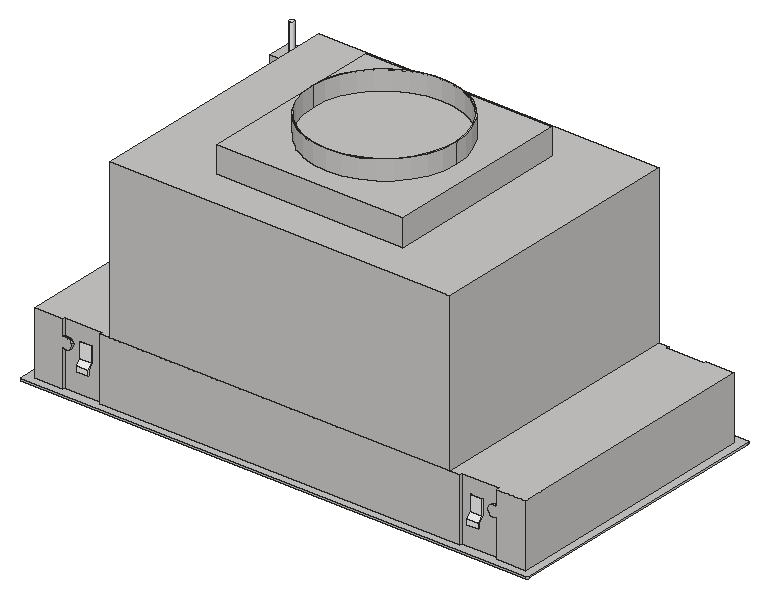
Revit family "FP_Revit_18_HPB3619-12_N_Rangehood_90000972B", category Specialty Equipment, Revit 2018
Family settings
  Round Connector Dimension = Use Diameter
  Part Type = Normal
  OmniClass Number = 23.40.40.00
  OmniClass Title = Food Service Equipment and Furnishings
  Work Plane-Based = No
  Always vertical = Yes
  Cut with Voids When Loaded = Yes
  Shared = No
  Room Calculation Point = No
Parameters
  Visibility - Duct Adaptor = yes
  Visibility - Clearance Required = yes
  URL = "www.fisherpaykel.com"
  Product - Width = 880 mm  # constant formula
  Product - Height = 462 mm  # constant formula
  Product - Depth = 480 mm  # constant formula
  Model = "HPB3619-12_N"
  Material - Glass = Fisher & Paykel - White Bezel
  Material - Body = Fisher & Paykel - Stainless Steel
  Manufacturer = "Fisher & Paykel Appliances"
  FFL Offset [instance] = 1565 mm
  Description = "36\" Integrated Insert Rangehood"
  Connector Description - Extraction = "250mm (9 3/16\") Outside diameter of ducting outlet, 1100 CFM"
  Connector Description - Electrical = "120 V, 15 A, Fused electrical supply"
  Chassis - Width = 850 mm  # constant formula
  Chassis - Height = 380 mm  # constant formula
  Chassis - Depth = 452 mm  # constant formula
  Cavity - Width = 855 mm  # constant formula
  Cavity - Height = 435 mm  # constant formula
  Cavity - Depth = 455 mm  # constant formula
Reference planes
  plane 1 "Center (Front/Back)": y = 0
  plane 2: z = 0
  plane 3 "Center (Left/Right)": x = 0
  plane 4 "Product LHS": x = -440
  plane 5 "Product RHS": x = 440
  plane 6 "Product Front": y = -240
  plane 7 "Cavity LHS": x = -427.5
  plane 8 "Cavity RHS": x = 427.5
  plane 9 "Product Rear": y = 240
  plane 10 "Chassis LHS": x = -425
  plane 11 "Chassis RHS": x = 425
  plane 12 "Product - Height": z = 2024.5
  plane 13 "Chassis Front": y = -226
  plane 14 "Chassis Rear": y = 226
  plane 15 "Cavity Rear": y = 227.5
  plane 16 "Cavity Front": y = -227.5
  plane 17 "Cavity - Height": z = 2000
  plane 18 "FFL Offset": z = 1565
Forms (mm)
  Extrusion 1, solid, material "Fisher & Paykel - Stainless Steel" <- "Material - Body"
    sketch origin (0, 0, 0) x (1, 0, 0) y (0, 0, 1)
      loop
        line (-295, 1673.4) -> (295, 1673.4) -> (295, 1945) -> (-295, 1945) -> (-295, 1673.4)
    from -226 to 226
  Extrusion 2, solid, material "Fisher & Paykel - Clearance Required", visible <- "Visibility - Clearance Required", detail levels coarse
    sketch origin (0, 0, 0) x (1, 0, 0) y (0, 1, 0)
      loop
        line (-427.5, 227.5) -> (-427.5, -227.5) -> (427.5, -227.5) -> (427.5, 227.5) -> (-427.5, 227.5)
    from 1565 to 2000
  Extrusion 3, void
    sketch origin (0, 0, 0) x (1, 0, 0) y (0, 1, 0)
      loop
        line (-427.5, 227.5) -> (-427.5, -227.5) -> (427.5, -227.5) -> (427.5, 227.5) -> (-427.5, 227.5)
    from 1565 to 2000
  Extrusion 4, solid, material "Fisher & Paykel - Stainless Steel" <- "Material - Body", visible <- "Visibility - Duct Adaptor"
    sketch origin (0, 0, 0) x (1, 0, 0) y (0, 1, 0)
      loop
        line (-161.5, 161.5) -> (-161.5, -161.5) -> (161.5, -161.5) -> (161.5, 161.5) -> (-161.5, 161.5)
    from 1945 to 1990.6
  Extrusion 5, solid, material "Fisher & Paykel - Clearance Required", visible <- "Visibility - Clearance Required", detail levels coarse
    sketch origin (0, 0, 0) x (1, 0, 0) y (0, 1, 0)
      loop
        circle (0, 0) r 130
    from 2000 to 2024.5
  Extrusion 6, void
    sketch origin (0, 0, 0) x (1, 0, 0) y (0, 1, 0)
      loop
        circle (0, 0) r 130
    from 2000 to 2024.5
  Extrusion 7, solid, material "Fisher & Paykel - Stainless Steel" <- "Material - Body", visible <- "Visibility - Duct Adaptor"
    sketch origin (0, 0, 0) x (1, 0, 0) y (0, 1, 0)
      loop
        circle (0, 0) r 125
      loop
        circle (0, 0) r 124
    from 1990.6 to 2024.5
  Extrusion 8, solid, material "Fisher & Paykel - Stainless Steel" <- "Material - Body"
    sketch origin (0, 0, 0) x (1, 0, 0) y (0, 1, 0)
      loop
        circle (-82.5, 0) r 75
      loop
        circle (82.5, 0) r 75
      loop
        circle (-82.5, 0) r 74
      loop
        circle (82.5, 0) r 74
    from 1945 to 1969.5
Cuts and joins
  Extrusion 6 cuts Extrusion 2
Text (mm)
  text "Due to ongoing product development, product details are subject to change without notice. \nPlease always refer to www.fisherpaykel.com for the most current product information. \n© Fisher & Paykel 2020" at (41.04, -1225.549, 0), in view "Ref. Level (Plan)"
Dimensions and locks
  equal spacing: plane 4 "Product LHS", plane 3 "Center (Left/Right)", plane 5 "Product RHS"
  "Product - Width": plane 4 "Product LHS" to plane 5 "Product RHS"
  equal spacing: plane 7 "Cavity LHS", plane 3 "Center (Left/Right)", plane 8 "Cavity RHS"
  "Cavity - Width": plane 7 "Cavity LHS" to plane 8 "Cavity RHS"
  equal spacing: plane 9 "Product Rear", plane 1 "Center (Front/Back)", plane 6 "Product Front"
  "Product - Depth": plane 9 "Product Rear" to plane 6 "Product Front"
  equal spacing: plane 10 "Chassis LHS", plane 3 "Center (Left/Right)", plane 11 "Chassis RHS"
  "Chassis - Width": plane 10 "Chassis LHS" to plane 11 "Chassis RHS"
  equal spacing: plane 14 "Chassis Rear", plane 1 "Center (Front/Back)", plane 13 "Chassis Front"
  "Chassis - Depth": plane 14 "Chassis Rear" to plane 13 "Chassis Front"
  equal spacing: plane 15 "Cavity Rear", plane 1 "Center (Front/Back)", plane 16 "Cavity Front"
  "Cavity - Depth": plane 15 "Cavity Rear" to plane 16 "Cavity Front"
  "FFL Offset": plane 18 "FFL Offset" to level
  "Chassis - Height": Extrusion 1 to plane 18 "FFL Offset"
  "Cavity - Height": plane 18 "FFL Offset" to plane 17 "Cavity - Height"
  locked: plane 18 "FFL Offset" to plane 12 "Product - Height" at 459.5
  locked: Extrusion 4 to plane 18 "FFL Offset" at 425.6
  locked: nested 1 to plane 18 "FFL Offset" at 108.4
  locked: Extrusion 1 to nested 1
  Extrusion 8 sketch curve to plane 3 "Center (Left/Right)" = 82.5 mm
  Extrusion 8 to plane 18 "FFL Offset" = 404.5 mm
  locked: Extrusion 8 to cut or joined group of Extrusion 2, Extrusion 6 at 404.5
  aligned and locked: level to plane 2
  aligned and locked: plane 14 "Chassis Rear" to Extrusion 1
  aligned and locked: Extrusion 1 to plane 13 "Chassis Front"
  aligned and locked: plane 8 "Cavity RHS" to Extrusion 2 sketch curve
  aligned and locked: plane 16 "Cavity Front" to Extrusion 2 sketch curve
  aligned and locked: Extrusion 2 sketch curve to plane 7 "Cavity LHS"
  aligned and locked: Extrusion 2 sketch curve to plane 15 "Cavity Rear"
  aligned and locked: Extrusion 7 to plane 12 "Product - Height"
  aligned and locked: Extrusion 4 to Extrusion 1
  aligned and locked: Extrusion 7 to Extrusion 4
  aligned and locked: Extrusion 5 to plane 12 "Product - Height"
  aligned and locked: plane 17 "Cavity - Height" to Extrusion 5
  aligned and locked: Extrusion 6 to plane 12 "Product - Height"
  aligned and locked: Extrusion 2 to Extrusion 3
  aligned and locked: Extrusion 3 to plane 18 "FFL Offset"
  aligned and locked: Extrusion 8 to Extrusion 1
  aligned and locked: Extrusion 2 to plane 17 "Cavity - Height"
  aligned and locked: Extrusion 3 to plane 17 "Cavity - Height"
  aligned and locked: Extrusion 6 to Extrusion 2
Automatic sketch dimensions
  Extrusion 2 sketch curve to plane 8 "Cavity RHS" = 0 mm
  Extrusion 3 sketch curve to plane 7 "Cavity LHS" = 0 mm
  Extrusion 3 sketch curve to plane 8 "Cavity RHS" = 0 mm
  Extrusion 3 sketch curve to plane 16 "Cavity Front" = 0 mm
  Extrusion 3 sketch curve to plane 15 "Cavity Rear" = 0 mm
  plane 1 "Center (Front/Back)" to Extrusion 5 sketch curve = 0 mm
  Extrusion 5 sketch curve to plane 3 "Center (Left/Right)" = 0 mm
  plane 1 "Center (Front/Back)" to Extrusion 6 sketch curve = 0 mm
  Extrusion 6 sketch curve to plane 3 "Center (Left/Right)" = 0 mm
  Extrusion 7 sketch curve to Extrusion 7 sketch curve = 0 mm  (x2)
  plane 1 "Center (Front/Back)" to Extrusion 7 sketch curve = 0 mm
  Extrusion 7 sketch curve to plane 3 "Center (Left/Right)" = 0 mm
  plane 13 "Chassis Front" to Extrusion 4 sketch curve = 64.5 mm
  Extrusion 4 sketch curve to plane 3 "Center (Left/Right)" = 161.5 mm
  plane 3 "Center (Left/Right)" to Extrusion 4 sketch curve = 161.5 mm
  Extrusion 4 sketch curve to plane 14 "Chassis Rear" = 64.5 mm
  plane 17 "Cavity - Height" to Extrusion 1 sketch curve = 55 mm
  Extrusion 1 sketch curve to plane 11 "Chassis RHS" = 130 mm
  Extrusion 1 sketch curve to Extrusion 1 sketch curve = 271.6 mm
  plane 10 "Chassis LHS" to Extrusion 1 sketch curve = 130 mm
  Extrusion 8 sketch curve to Extrusion 8 sketch curve = 0 mm  (x4)
  plane 1 "Center (Front/Back)" to Extrusion 8 sketch curve = 0 mm  (x2)
  plane 3 "Center (Left/Right)" to Extrusion 8 sketch curve = 82.5 mm
  radius of Extrusion 5 sketch curve = 130 mm
  radius of Extrusion 6 sketch curve = 130 mm
  radius of Extrusion 7 sketch curve = 125 mm
  radius of Extrusion 7 sketch curve = 124 mm
  radius of Extrusion 8 sketch curve = 75 mm  (x2)
  radius of Extrusion 8 sketch curve = 74 mm  (x2)
Nested families
  nested 1: "HPB3619-12" at (0, 0, 1565), type "HPB3619-12"
Connectors
  hvac at (0, 0, 2024.5), driven by "Connector Description - Extraction"
    settings: on Extrusion 7, index 4, duct flow 519.0 L/s, flow factor 0, pres drop 0.0 Pa, loss coef 0, conn angle 0.00°, conn width 304.8 mm, conn height 304.8 mm, conn diameter 250 mm, duct sys type 3, conn prof type 0, flow config 0, flow direction 2, loss method 0, conn ref index -1, conn util no, is conn primary yes, conn desc "250mm (9 3/16\") Outside diameter of ducting outlet, 1100 CFM"
  electrical at (-315.55, 194, 1972), driven by "Connector Description - Electrical"
    settings: on nested 1, index 5, voltage 120 V, apparent load 0 VA, apparent load phase1 0 VA, apparent load phase2 0 VA, apparent load phase3 0 VA, power factor 1, load classification "Other", number of poles 1, system type 30, power factor state 1, is connector primary yes, connector utility no, sub classification motor no, connector description "120 V, 15 A, Fused electrical supply"
Definition of nested family "HPB3619-12"
  Parameters (values of type "HPB3619-12")
    URL = "www.fisherpaykel.com"
    Product - Width = 880 mm  # constant formula
    Product - Depth = 480 mm  # constant formula
    Model = "HPB 3619-12 N"
    Material - Glass = none
    Material - Body = none
    Manufacturer = ""
    Description = ""
    Chassis - Width = 850 mm  # constant formula
    Chassis - Depth = 452 mm  # constant formula
  Reference planes
    plane 1 "Center (Front/Back)": y = 0
    plane 2: z = 0
    plane 3 "Center (Left/Right)": x = 0
    plane 4 "Product LHS": x = -440
    plane 5 "Product RHS": x = 440
    plane 6 "Product Front": y = -240
    plane 7 "Product Rear": y = 240
    plane 8 "Chassis LHS": x = -425
    plane 9 "Chassis RHS": x = 425
    plane 10 "Chassis Front": y = -226
    plane 11 "Chassis Rear": y = 226
  Forms (mm)
    Extrusion 1, solid, material <- "Material - Body"
      sketch origin (0, 0, 0) x (1, 0, 0) y (0, 0, 1)
        loop
          line (-425, 0) -> (425, 0) -> (425, 108.4) -> (-425, 108.4) -> (-425, 0)
      from -226 to 226
    Extrusion 2, solid, material <- "Material - Body"
      sketch origin (0, 0, 0) x (1, 0, 0) y (0, 1, 0)
        loop
          line (436.5, 240) -> (-436.5, 240)
          arc (-436.5, 240) -> (-438.975, 238.975) -> (-440, 236.5) r 3.5
          line (-440, 236.5) -> (-440, -236.5)
          arc (-440, -236.5) -> (-438.975, -238.975) -> (-436.5, -240) r 3.5
          line (-436.5, -240) -> (436.5, -240)
          arc (436.5, -240) -> (438.975, -238.975) -> (440, -236.5) r 3.5
          line (440, -236.5) -> (440, 236.5)
          arc (440, 236.5) -> (438.975, 238.975) -> (436.5, 240) r 3.5
        loop
          line (420.5, 220) -> (-420.5, 220) -> (-420.5, -220) -> (420.5, -220) -> (420.5, 220)
      from -2.5 to 0
    Extrusion 3, void
      sketch origin (0, 0, 0) x (1, 0, 0) y (0, 0, 1)
        loop
          line (-376.17, 108.4) -> (-376.17, 81.59) -> (-369.42, 81.59)
          arc (-369.42, 81.59) -> (-360.42, 72.59) -> (-369.42, 63.59) r 9
          line (-369.42, 63.59) -> (-375.557, 63.59) -> (-375.557, 0) -> (-311.02, 0) -> (-311.02, 108.4) -> (-376.17, 108.4)
        loop
          line (376.17, 108.4) -> (311.02, 108.4) -> (311.02, 0) -> (375.557, 0) -> (375.557, 63.59) -> (369.42, 63.59)
          arc (369.42, 63.59) -> (360.42, 72.59) -> (369.42, 81.59) r 9
          line (369.42, 81.59) -> (376.17, 81.59) -> (376.17, 108.4)
      from 222 to 226
    Extrusion 4, void
      sketch origin (0, 0, 0) x (1, 0, 0) y (0, 0, -1)
        loop
          line (-376.17, -108.4) -> (-311.02, -108.4) -> (-311.02, 0) -> (-375.557, 0) -> (-375.557, -63.59) -> (-369.42, -63.59)
          arc (-369.42, -63.59) -> (-360.42, -72.59) -> (-369.42, -81.59) r 9
          line (-369.42, -81.59) -> (-376.17, -81.59) -> (-376.17, -108.4)
        loop
          line (376.17, -108.4) -> (376.17, -81.59) -> (369.42, -81.59)
          arc (369.42, -81.59) -> (360.42, -72.59) -> (369.42, -63.59) r 9
          line (369.42, -63.59) -> (375.557, -63.59) -> (375.557, 0) -> (311.02, 0) -> (311.02, -108.4) -> (376.17, -108.4)
      from 222 to 226
    Extrusion 5, solid, detail levels fine
      sketch origin (0, 0, 0) x (0, 1, 0) y (0, 0, 1)
        loop
          line (-231.082, 47.589) -> (-231.082, 39.32) -> (-229.882, 39.32) -> (-229.882, 47.095) -> (-222, 54.977) -> (-222, 82.186) -> (-223.2, 82.186) -> (-223.2, 55.471) -> (-231.082, 47.589)
      from -347.88 to -328
    Extrusion 6, void
      sketch origin (0, 0, 0) x (1, 0, 0) y (0, 0, 1)
        loop
          line (-420.5, -2.5) -> (420.5, -2.5) -> (420.5, 0) -> (377.9, 17.365) -> (-377.9, 17.365) -> (-420.5, 0) -> (-420.5, -2.5)
      from -220 to 220
    Extrusion 7, void
      sketch origin (0, 0, 0) x (0, 1, 0) y (0, 0, 1)
        loop
          line (220, 17.365) -> (206.782, 67.5) -> (-167.2, 67.5) -> (-167.2, 27) -> (-187.6, 27) -> (-187.6, 67.5) -> (-220, 67.5) -> (-220, 17.365) -> (220, 17.365)
      from -377.4 to 377.4
    Extrusion 8, solid, material <- "Material - Body", detail levels medium+fine
      sketch origin (0, 0, 0) x (1, 0, 0) y (0, 0, 1)
        loop
          line (351.267, 39.229) -> (325.673, 39.229) -> (325.673, 19.87) -> (351.267, 19.87) -> (351.267, 39.229)
        loop
          line (310.52, 39.229) -> (288.173, 39.229) -> (288.173, 19.87) -> (310.52, 19.87) -> (310.52, 39.229)
        loop
          line (276.267, 39.229) -> (250.673, 39.229) -> (250.673, 19.87) -> (276.267, 19.87) -> (276.267, 39.229)
        loop
          line (238.767, 39.229) -> (213.173, 39.229) -> (213.173, 19.87) -> (238.767, 19.87) -> (238.767, 39.229)
        loop
          line (201.267, 39.229) -> (175.673, 39.229) -> (175.673, 19.87) -> (201.267, 19.87) -> (201.267, 39.229)
        loop
          line (150.965, 39.229) -> (150.965, 19.87) -> (163.767, 19.87) -> (163.767, 39.229) -> (150.965, 39.229)
        loop
          line (150.585, 39.229) -> (137.793, 39.229) -> (137.793, 19.87) -> (150.585, 19.87) -> (150.585, 39.229)
        loop
          line (125.888, 39.229) -> (100.293, 39.229) -> (100.293, 19.87) -> (125.888, 19.87) -> (125.888, 39.229)
        loop
          line (88.388, 39.229) -> (62.793, 39.229) -> (62.793, 19.87) -> (88.388, 19.87) -> (88.388, 39.229)
        loop
          line (50.888, 39.229) -> (25.293, 39.229) -> (25.293, 19.87) -> (50.888, 19.87) -> (50.888, 39.229)
        loop
          line (12.797, 39.229) -> (-12.797, 39.229) -> (-12.797, 19.87) -> (12.797, 19.87) -> (12.797, 39.229)
        loop
          line (363.173, 39.229) -> (363.173, 19.87) -> (375.057, 19.87) -> (375.057, 39.229) -> (363.173, 39.229)
        loop
          line (-351.767, 39.229) -> (-351.767, 19.87) -> (-326.173, 19.87) -> (-326.173, 39.229) -> (-351.767, 39.229)
        loop
          line (-311.02, 39.229) -> (-311.02, 19.87) -> (-288.673, 19.87) -> (-288.673, 39.229) -> (-311.02, 39.229)
        loop
          line (-276.767, 39.229) -> (-276.767, 19.87) -> (-251.173, 19.87) -> (-251.173, 39.229) -> (-276.767, 39.229)
        loop
          line (-239.267, 39.229) -> (-239.267, 19.87) -> (-213.673, 19.87) -> (-213.673, 39.229) -> (-239.267, 39.229)
        loop
          line (-201.767, 39.229) -> (-201.767, 19.87) -> (-176.173, 19.87) -> (-176.173, 39.229) -> (-201.767, 39.229)
        loop
          line (-151.465, 39.229) -> (-164.267, 39.229) -> (-164.267, 19.87) -> (-151.465, 19.87) -> (-151.465, 39.229)
        loop
          line (-151.085, 39.229) -> (-151.085, 19.87) -> (-138.293, 19.87) -> (-138.293, 39.229) -> (-151.085, 39.229)
        loop
          line (-126.388, 39.229) -> (-126.388, 19.87) -> (-100.793, 19.87) -> (-100.793, 39.229) -> (-126.388, 39.229)
        loop
          line (-88.888, 39.229) -> (-88.888, 19.87) -> (-63.293, 19.87) -> (-63.293, 39.229) -> (-88.888, 39.229)
        loop
          line (-51.388, 39.229) -> (-51.388, 19.87) -> (-25.293, 19.87) -> (-25.293, 39.229) -> (-51.388, 39.229)
        loop
          line (-363.673, 39.229) -> (-375.557, 39.229) -> (-375.557, 19.87) -> (-363.673, 19.87) -> (-363.673, 39.229)
      from -198.187 to 167.2
    Extrusion 9, solid, material <- "Material - Body", detail levels fine
      sketch origin (0, 0, 0) x (0, 1, 0) y (0, 0, 1)
        loop
          line (198.187, 39.229) -> (198.187, 19.333) -> (210.095, 16.053) -> (217.213, 19.87) -> (217.213, 25.663) -> (213.831, 39.229) -> (198.187, 39.229)
      from -375 to 375
    Extrusion 10, solid, material <- "Material - Body", detail levels fine
      sketch origin (0, 0, 0) x (1, 0, 0) y (0, 1, 0)
        loop
          circle (264.874, 94.908) r 6
        loop
          circle (0, 94.908) r 6
        loop
          circle (-264.874, 94.908) r 6
        loop
          circle (264.874, -99.995) r 6
        loop
          circle (0, -99.995) r 6
        loop
          circle (-264.874, -99.995) r 6
      from 13 to 19.87
    Extrusion 11, solid, detail levels fine
      sketch origin (0, 0, 0) x (0, 1, 0) y (0, 0, -1)
        loop
          line (-231.082, -47.589) -> (-223.2, -55.471) -> (-223.2, -82.186) -> (-222, -82.186) -> (-222, -54.977) -> (-229.882, -47.095) -> (-229.882, -39.32) -> (-231.082, -39.32) -> (-231.082, -47.589)
      from -347.88 to -328
    Extrusion 12, solid, detail levels fine
      sketch origin (0, 0, 0) x (0, -1, 0) y (0, 0, -1)
        loop
          line (-231.082, -47.589) -> (-223.2, -55.471) -> (-223.2, -82.186) -> (-222, -82.186) -> (-222, -54.977) -> (-229.882, -47.095) -> (-229.882, -39.32) -> (-231.082, -39.32) -> (-231.082, -47.589)
      from -347.88 to -328
    Extrusion 13, solid, detail levels fine
      sketch origin (0, 0, 0) x (0, -1, 0) y (0, 0, 1)
        loop
          line (-231.082, 47.589) -> (-231.082, 39.32) -> (-229.882, 39.32) -> (-229.882, 47.095) -> (-222, 54.977) -> (-222, 82.186) -> (-223.2, 82.186) -> (-223.2, 55.471) -> (-231.082, 47.589)
      from -347.88 to -328
    Extrusion 14, solid, material <- "Material - Body"
      sketch origin (0, 0, 0) x (1, 0, 0) y (0, 0, 1)
        loop
          line (-419.39, 108.4) -> (-358.49, 108.4) -> (-381.39, 161.6) -> (-419.39, 161.6) -> (-419.39, 108.4)
      from -171 to -222
    Extrusion 15, solid, material <- "Material - Body"
      sketch origin (0, 0, 0) x (1, 0, 0) y (0, 0, 1)
        loop
          line (-295, 357) -> (-336.1, 357) -> (-336.1, 237) -> (-295, 237) -> (-295, 357)
      from -216.5 to -171.5
    Sweep 16, solid
      path origin (0, 194, 0) x (1, 0, 0) y (0, 0, 1)
        loop
          line (-315.55, 407) -> (-315.55, 227)
          spline (-315.55, 227) -> (-317.219, 213.538) -> (-321.834, 204.545) -> (-328.806, 199.163) -> (-337.546, 196.534) -> (-347.463, 195.799) -> (-357.97, 196.1) -> (-368.477, 196.58) -> (-378.394, 196.378) -> (-387.134, 194.638) -> (-394.105, 190.5) -> (-398.721, 183.107) -> (-400.39, 171.6)
          line (-400.39, 171.6) -> (-400.39, 161.6)
      profile origin (-315.55, 194, 317) x (0, -1, 0) y (1, 0, 0)
        loop
          circle (0, 0) r 4
    Extrusion 17, solid, material <- "Material - Glass", detail levels fine
      sketch origin (0, 0, 0) x (0, 1, 0) y (0, 0, 1)
        loop
          line (-220, 67.5) -> (-220, 27) -> (-187.6, 27) -> (-187.6, 67.5) -> (-220, 67.5)
      from -377.9 to 377.4
  Cuts and joins
    Extrusion 3, Extrusion 4, Extrusion 6, Extrusion 7 cuts Extrusion 1
    Extrusion 4 cuts Extrusion 2
  Text (mm)
    text "Due to ongoing product development, product details are subject to change without notice. \nPlease always refer to www.fisherpaykel.com for the most current product information. \n© Fisher & Paykel 2020" at (41.04, -1225.549, 0), in view "Ref. Level (Plan)"
  Dimensions and locks
    equal spacing: plane 4 "Product LHS", plane 3 "Center (Left/Right)", plane 5 "Product RHS"
    "Product - Width": plane 4 "Product LHS" to plane 5 "Product RHS"
    equal spacing: plane 7 "Product Rear", plane 1 "Center (Front/Back)", plane 6 "Product Front"
    "Product - Depth": plane 7 "Product Rear" to plane 6 "Product Front"
    equal spacing: plane 8 "Chassis LHS", plane 3 "Center (Left/Right)", plane 9 "Chassis RHS"
    "Chassis - Width": plane 8 "Chassis LHS" to plane 9 "Chassis RHS"
    Extrusion 8 to Extrusion 9 = 19.359 mm
    level to Extrusion 9 = 39.229 mm
    locked: level to cut or joined group of Extrusion 2, Extrusion 4 at 2.5
    cut or joined group of Extrusion 1, Extrusion 3, Extrusion 4, Extrusion 6, Extrusion 7 to level = 108.4 mm
    equal spacing: plane 11 "Chassis Rear", plane 1 "Center (Front/Back)", plane 10 "Chassis Front"
    "Chassis - Depth": plane 11 "Chassis Rear" to plane 10 "Chassis Front"
    aligned and locked: level to plane 2
    aligned and locked: plane 8 "Chassis LHS" to Extrusion 1 sketch curve
    aligned and locked: Extrusion 1 sketch curve to plane 9 "Chassis RHS"
    aligned and locked: level to Extrusion 1 sketch curve
    aligned and locked: plane 7 "Product Rear" to Extrusion 2 sketch curve
    aligned and locked: plane 4 "Product LHS" to Extrusion 2 sketch curve
    aligned and locked: Extrusion 2 sketch curve to plane 6 "Product Front"
    aligned and locked: Extrusion 2 sketch curve to plane 5 "Product RHS"
    aligned and locked: Extrusion 10 to Extrusion 8
    aligned and locked: Extrusion 1 to Extrusion 4
    aligned and locked: Extrusion 1 to Extrusion 3
    aligned and locked: plane 11 "Chassis Rear" to Extrusion 1
    aligned and locked: Extrusion 1 to plane 10 "Chassis Front"
    aligned and locked: Extrusion 1 to plane 8 "Chassis LHS"
    aligned and locked: plane 9 "Chassis RHS" to Extrusion 1
  Automatic sketch dimensions
    Extrusion 3 sketch curve to level = 0 mm  (x2)
    plane 8 "Chassis LHS" to Extrusion 3 sketch curve = 48.83 mm
    plane 8 "Chassis LHS" to Extrusion 3 sketch curve = 49.443 mm
    Extrusion 3 sketch curve to Extrusion 3 sketch curve = 6.75 mm  (x2)
    Extrusion 3 sketch curve to Extrusion 3 sketch curve = 58.4 mm
    Extrusion 3 sketch curve to plane 9 "Chassis RHS" = 113.98 mm
    Extrusion 3 sketch curve to plane 9 "Chassis RHS" = 55.58 mm
    Extrusion 3 sketch curve to plane 9 "Chassis RHS" = 49.443 mm
    level to Extrusion 3 sketch curve = 63.59 mm  (x2)
    Extrusion 3 sketch curve to Extrusion 3 sketch curve = 9 mm  (x2)
    Extrusion 3 sketch curve to Extrusion 3 sketch curve = 26.81 mm  (x2)
    Extrusion 4 sketch curve to level = 0 mm  (x2)
    plane 8 "Chassis LHS" to Extrusion 4 sketch curve = 48.83 mm
    plane 8 "Chassis LHS" to Extrusion 4 sketch curve = 49.443 mm
    Extrusion 4 sketch curve to Extrusion 4 sketch curve = 6.75 mm  (x2)
    Extrusion 4 sketch curve to Extrusion 4 sketch curve = 58.4 mm
    Extrusion 4 sketch curve to plane 9 "Chassis RHS" = 113.98 mm
    Extrusion 4 sketch curve to plane 9 "Chassis RHS" = 55.58 mm
    Extrusion 4 sketch curve to plane 9 "Chassis RHS" = 49.443 mm
    level to Extrusion 4 sketch curve = 63.59 mm  (x2)
    Extrusion 4 sketch curve to Extrusion 4 sketch curve = 9 mm  (x2)
    Extrusion 4 sketch curve to Extrusion 4 sketch curve = 26.81 mm  (x2)
    Extrusion 5 sketch curve to Extrusion 5 sketch curve = 1.2 mm  (x2)
    plane 10 "Chassis Front" to Extrusion 5 sketch curve = 2.8 mm
    level to Extrusion 5 sketch curve = 39.32 mm
    Extrusion 5 sketch curve to Extrusion 5 sketch curve = 7.775 mm
    Extrusion 5 sketch curve to Extrusion 5 sketch curve = 0.494 mm  (x2)
    Extrusion 5 sketch curve to Extrusion 5 sketch curve = 7.882 mm
    Extrusion 5 sketch curve to Extrusion 5 sketch curve = 26.715 mm
    Extrusion 6 sketch curve to level = 0 mm  (x2)
    plane 8 "Chassis LHS" to Extrusion 6 sketch curve = 4.5 mm
    level to Extrusion 6 sketch curve = 17.365 mm
    Extrusion 6 sketch curve to Extrusion 6 sketch curve = 42.6 mm
    Extrusion 6 sketch curve to plane 9 "Chassis RHS" = 47.1 mm
    Extrusion 6 sketch curve to plane 9 "Chassis RHS" = 4.5 mm
    Extrusion 6 sketch curve to level = 2.5 mm
    level to Extrusion 8 sketch curve = 19.87 mm  (x4)
    plane 8 "Chassis LHS" to Extrusion 8 sketch curve = 49.443 mm
    Extrusion 8 sketch curve to Extrusion 8 sketch curve = 11.884 mm  (x2)
    Extrusion 8 sketch curve to Extrusion 8 sketch curve = 11.905 mm  (x16)
    Extrusion 8 sketch curve to Extrusion 8 sketch curve = 25.595 mm  (x13)
    Extrusion 8 sketch curve to Extrusion 8 sketch curve = 15.153 mm  (x2)
    Extrusion 8 sketch curve to Extrusion 8 sketch curve = 22.347 mm  (x2)
    Extrusion 8 sketch curve to Extrusion 8 sketch curve = 12.802 mm  (x2)
    Extrusion 8 sketch curve to Extrusion 8 sketch curve = 0.38 mm  (x2)
    Extrusion 8 sketch curve to Extrusion 8 sketch curve = 12.792 mm  (x2)
    Extrusion 8 sketch curve to plane 3 "Center (Left/Right)" = 25.293 mm
    Extrusion 8 sketch curve to Extrusion 8 sketch curve = 12.496 mm  (x2)
    plane 3 "Center (Left/Right)" to Extrusion 8 sketch curve = 12.797 mm
    Extrusion 8 sketch curve to Extrusion 8 sketch curve = 0 mm  (x38)
    Extrusion 8 sketch curve to Extrusion 8 sketch curve = 19.359 mm  (x4)
    Extrusion 9 sketch curve to plane 11 "Chassis Rear" = 27.813 mm
    Extrusion 9 sketch curve to Extrusion 9 sketch curve = 11.908 mm
    Extrusion 9 sketch curve to plane 11 "Chassis Rear" = 12.169 mm
    Extrusion 9 sketch curve to plane 11 "Chassis Rear" = 8.787 mm
    level to Extrusion 9 sketch curve = 16.053 mm
    Extrusion 9 sketch curve to Extrusion 9 sketch curve = 3.28 mm
    Extrusion 9 sketch curve to Extrusion 9 sketch curve = 3.817 mm
    Extrusion 9 sketch curve to Extrusion 9 sketch curve = 5.794 mm
    Extrusion 9 sketch curve to Extrusion 9 sketch curve = 13.565 mm
    Extrusion 10 sketch curve to plane 3 "Center (Left/Right)" = 0 mm  (x2)
    plane 8 "Chassis LHS" to Extrusion 10 sketch curve = 160.126 mm  (x2)
    Extrusion 10 sketch curve to plane 9 "Chassis RHS" = 160.126 mm  (x2)
    plane 1 "Center (Front/Back)" to Extrusion 10 sketch curve = 99.995 mm  (x3)
    Extrusion 10 sketch curve to plane 1 "Center (Front/Back)" = 94.908 mm  (x3)
    Extrusion 11 sketch curve to Extrusion 11 sketch curve = 1.2 mm  (x2)
    plane 10 "Chassis Front" to Extrusion 11 sketch curve = 2.8 mm
    level to Extrusion 11 sketch curve = 82.186 mm
    Extrusion 11 sketch curve to Extrusion 11 sketch curve = 26.715 mm
    Extrusion 11 sketch curve to Extrusion 11 sketch curve = 0.494 mm  (x2)
    Extrusion 11 sketch curve to Extrusion 11 sketch curve = 7.882 mm
    Extrusion 11 sketch curve to Extrusion 11 sketch curve = 7.775 mm
    Extrusion 12 sketch curve to Extrusion 12 sketch curve = 1.2 mm  (x2)
    plane 11 "Chassis Rear" to Extrusion 12 sketch curve = 2.8 mm
    Extrusion 12 sketch curve to level = 39.32 mm
    Extrusion 12 sketch curve to Extrusion 12 sketch curve = 7.775 mm
    Extrusion 12 sketch curve to Extrusion 12 sketch curve = 0.494 mm  (x2)
    Extrusion 12 sketch curve to Extrusion 12 sketch curve = 7.882 mm
    Extrusion 12 sketch curve to Extrusion 12 sketch curve = 26.715 mm
    Extrusion 13 sketch curve to Extrusion 13 sketch curve = 1.2 mm  (x2)
    Extrusion 13 sketch curve to plane 11 "Chassis Rear" = 2.8 mm
    level to Extrusion 13 sketch curve = 39.32 mm
    Extrusion 13 sketch curve to Extrusion 13 sketch curve = 7.775 mm
    Extrusion 13 sketch curve to Extrusion 13 sketch curve = 0.494 mm  (x2)
    Extrusion 13 sketch curve to Extrusion 13 sketch curve = 7.882 mm
    Extrusion 13 sketch curve to Extrusion 13 sketch curve = 26.715 mm
    plane 8 "Chassis LHS" to Extrusion 14 sketch curve = 5.61 mm
    Extrusion 14 sketch curve to Extrusion 14 sketch curve = 38 mm
    Extrusion 14 sketch curve to Extrusion 14 sketch curve = 22.9 mm
    level to Extrusion 14 sketch curve = 108.4 mm
    Extrusion 14 sketch curve to Extrusion 14 sketch curve = 53.2 mm
    plane 8 "Chassis LHS" to Extrusion 15 sketch curve = 88.9 mm
    Extrusion 15 sketch curve to Extrusion 15 sketch curve = 41.1 mm
    Sweep 16 sketch curve to profile plane = 0 mm
    profile plane to Sweep 16 sketch curve = 0 mm
    plane 8 "Chassis LHS" to Sweep 16 sketch curve = 24.61 mm
    Sweep 16 sketch curve to Sweep 16 sketch curve = 84.84 mm
    level to Sweep 16 sketch curve = 171.6 mm
    Sweep 16 sketch curve to Sweep 16 sketch curve = 55.4 mm
    Sweep 16 sketch curve to Sweep 16 sketch curve = 10 mm
    plane 10 "Chassis Front" to Extrusion 17 sketch curve = 6 mm
    Extrusion 17 sketch curve to Extrusion 17 sketch curve = 32.4 mm
    level to Extrusion 17 sketch curve = 27 mm
    Extrusion 17 sketch curve to Extrusion 17 sketch curve = 40.5 mm
    Extrusion 7 sketch curve to Extrusion 7 sketch curve = 32.4 mm
    Extrusion 7 sketch curve to Extrusion 7 sketch curve = 20.4 mm
    Extrusion 7 sketch curve to plane 11 "Chassis Rear" = 19.218 mm
    Extrusion 7 sketch curve to plane 11 "Chassis Rear" = 6 mm
    level to Extrusion 7 sketch curve = 17.365 mm
    level to Extrusion 7 sketch curve = 27 mm
    Extrusion 7 sketch curve to Extrusion 7 sketch curve = 40.5 mm
    plane 10 "Chassis Front" to Extrusion 7 sketch curve = 6 mm
    Extrusion 7 sketch curve to Extrusion 7 sketch curve = 0 mm
    Extrusion 2 sketch curve to plane 4 "Product LHS" = 3.5 mm
    plane 8 "Chassis LHS" to Extrusion 2 sketch curve = 4.5 mm
    Extrusion 2 sketch curve to plane 1 "Center (Front/Back)" = 236.5 mm
    Extrusion 2 sketch curve to plane 9 "Chassis RHS" = 4.5 mm
    plane 5 "Product RHS" to Extrusion 2 sketch curve = 3.5 mm
    Extrusion 2 sketch curve to Extrusion 2 sketch curve = 3.5 mm
    plane 10 "Chassis Front" to Extrusion 2 sketch curve = 6 mm
    Extrusion 2 sketch curve to plane 11 "Chassis Rear" = 6 mm
    level to Extrusion 1 sketch curve = 108.4 mm
    Extrusion 5 sketch curve to plane 10 "Chassis Front" = 3.882 mm
    Extrusion 11 sketch curve to plane 10 "Chassis Front" = 3.882 mm
    Extrusion 12 sketch curve to plane 11 "Chassis Rear" = 3.882 mm
    plane 11 "Chassis Rear" to Extrusion 13 sketch curve = 3.882 mm
    level to Extrusion 15 sketch curve = 237 mm
    Extrusion 15 sketch curve to Extrusion 15 sketch curve = 120 mm
    Sweep 16 sketch curve to Sweep 16 sketch curve = 180 mm
    radius of Extrusion 10 sketch curve = 6 mm  (x6)
    radius of Sweep 16 sketch curve = 4 mm
